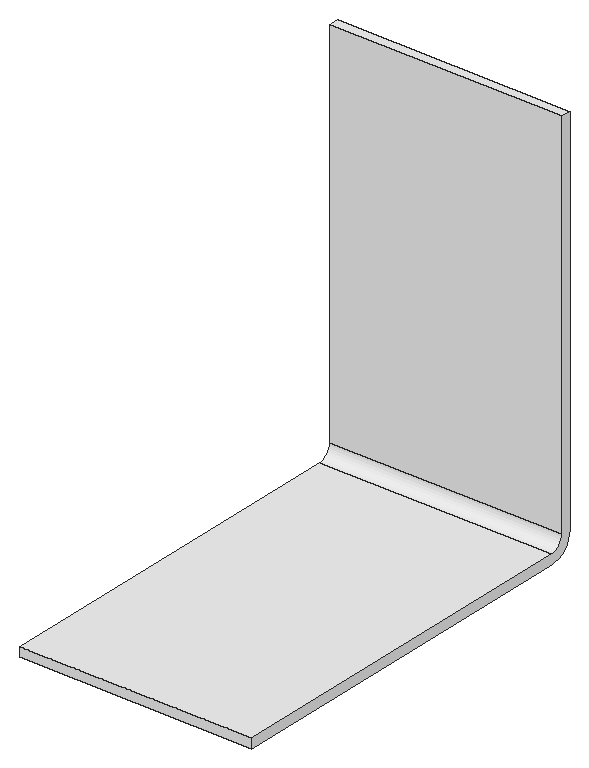
Revit family "JOMA_Spikplåtsvinklar", category Structural Connections, host Face, Revit 2012
Parameters (values of type "5511060  2,5x100x100x60")
  yr = ir + t  # 5.703 mm
  t = 2.500 mm
  l = 102.500 mm
  ir = t * 1.281  # 3.203 mm
  h = 102.500 mm
  b = 60.000 mm
  Vikt = "0,21"
  Typ = "SPIKPLÅTSVINKEL 5511060"
  Spikplåtsvinkel 5588120 = no
  Spikplåtsvinkel 5588100 = no
  Spikplåtsvinkel 5588080 & 5528880 = no
  Spikplåtsvinkel 5588060 & 5528860 = no
  Spikplåtsvinkel 5588040 & 5528840 = no
  Spikplåtsvinkel 5568060 & 5526860 = no
  Spikplåtsvinkel 5566100 & 55266100 = no
  Spikplåtsvinkel 5566080 & 5526680 = no
  Spikplåtsvinkel 5566060 & 5526660 = no
  Spikplåtsvinkel 5546060 & 5524660 = no
  Spikplåtsvinkel 5512100 = no
  Spikplåtsvinkel 5511100 = no
  Spikplåtsvinkel 5511080 = no
  Spikplåtsvinkel 5511060 = yes
  Spikmönster Förband Typ 2 [instance] = no
  Spikmönster Förband Typ 1 [instance] = no
  Spik/skruv [instance] = "ANKARSPIK 4,0x40"
  Material = Varmförzinkad stålplåt
  Länk Joma Dimensioneringsverktyg = "http://www.joma.se/dimensioneringsverktyg"
  Default Elevation = 0.000 mm
  Antal spik/skruv i virkesdel B [instance] = if(and(Spikmönster Förband Typ 1, Spikplåtsvinkel 5566060 & 5526660), 3, if(and(Spikmönster Förband Typ 1, Spikplåtsvinkel 5566080 & 5526680), 4, if(and(Spikmönster Förband Typ 1, Spikplåtsvinkel 5566100 & 55266100), 5, if(and(Spikmönster Förband Typ 1, Spikplåtsvinkel 5588040 & 5528840), 4, if(and(Spikmönster Förband Typ 1, Spikplåtsvinkel 5588060 & 5528860), 4, if(and(Spikmönster Förband Typ 1, Spikplåtsvinkel 5588080 & 5528880), 6, if(and(Spikmönster Förband Typ 1, Spikplåtsvinkel 5588100), 5, if(and(Spikmönster Förband Typ 1, Spikplåtsvinkel 5588120), 6, if(and(Spikmönster Förband Typ 1, Spikplåtsvinkel 5511060), 5, if(and(Spikmönster Förband Typ 1, Spikplåtsvinkel 5511080), 6, if(and(Spikmönster Förband Typ 1, Spikplåtsvinkel 5511100), 8, if(and(Spikmönster Förband Typ 1, Spikplåtsvinkel 5546060 & 5524660), 4, if(and(Spikmönster Förband Typ 1, Spikplåtsvinkel 5568060 & 5526860), 4, if(and(Spikmönster Förband Typ 1, Spikplåtsvinkel 5512100), 10, if(and(Spikmönster Förband Typ 2, Spikplåtsvinkel 5588040 & 5528840), 4, if(and(Spikmönster Förband Typ 2, Spikplåtsvinkel 5588060 & 5528860), 4, if(and(Spikmönster Förband Typ 2, Spikplåtsvinkel 5588080 & 5528880), 6, if(and(Spikmönster Förband Typ 2, Spikplåtsvinkel 5588100), 5, if(and(Spikmönster Förband Typ 2, Spikplåtsvinkel 5588120), 6, if(and(Spikmönster Förband Typ 2, Spikplåtsvinkel 5511060), 5, if(and(Spikmönster Förband Typ 2, Spikplåtsvinkel 5511080), 6, if(and(Spikmönster Förband Typ 2, Spikplåtsvinkel 5511100), 8, if(and(Spikmönster Förband Typ 2, Spikplåtsvinkel 5568060 & 5526860), 4, if(and(Spikmönster Förband Typ 2, Spikplåtsvinkel 5512100), 8, 0))))))))))))))))))))))))  # 0
  Antal spik/skruv i virkesdel A [instance] = if(and(Spikmönster Förband Typ 1, Spikplåtsvinkel 5566060 & 5526660), 3, if(and(Spikmönster Förband Typ 1, Spikplåtsvinkel 5566080 & 5526680), 4, if(and(Spikmönster Förband Typ 1, Spikplåtsvinkel 5566100 & 55266100), 5, if(and(Spikmönster Förband Typ 1, Spikplåtsvinkel 5588040 & 5528840), 3, if(and(Spikmönster Förband Typ 1, Spikplåtsvinkel 5588060 & 5528860), 5, if(and(Spikmönster Förband Typ 1, Spikplåtsvinkel 5588080 & 5528880), 6, if(and(Spikmönster Förband Typ 1, Spikplåtsvinkel 5588100), 8, if(and(Spikmönster Förband Typ 1, Spikplåtsvinkel 5588120), 9, if(and(Spikmönster Förband Typ 1, Spikplåtsvinkel 5511060), 6, if(and(Spikmönster Förband Typ 1, Spikplåtsvinkel 5511080), 8, if(and(Spikmönster Förband Typ 1, Spikplåtsvinkel 5511100), 10, if(and(Spikmönster Förband Typ 1, Spikplåtsvinkel 5546060 & 5524660), 3, if(and(Spikmönster Förband Typ 1, Spikplåtsvinkel 5568060 & 5526860), 5, if(and(Spikmönster Förband Typ 1, Spikplåtsvinkel 5512100), 10, if(and(Spikmönster Förband Typ 2, Spikplåtsvinkel 5588040 & 5528840), 2, if(and(Spikmönster Förband Typ 2, Spikplåtsvinkel 5588060 & 5528860), 3, if(and(Spikmönster Förband Typ 2, Spikplåtsvinkel 5588080 & 5528880), 4, if(and(Spikmönster Förband Typ 2, Spikplåtsvinkel 5588100), 5, if(and(Spikmönster Förband Typ 2, Spikplåtsvinkel 5588120), 6, if(and(Spikmönster Förband Typ 2, Spikplåtsvinkel 5511060), 3, if(and(Spikmönster Förband Typ 2, Spikplåtsvinkel 5511080), 4, if(and(Spikmönster Förband Typ 2, Spikplåtsvinkel 5511100), 5, if(and(Spikmönster Förband Typ 2, Spikplåtsvinkel 5568060 & 5526860), 3, if(and(Spikmönster Förband Typ 2, Spikplåtsvinkel 5512100), 8, 0))))))))))))))))))))))))  # 0
  5588120 Förband Typ 2 [instance] = and(Spikplåtsvinkel 5588120, Spikmönster Förband Typ 2, not(Spikmönster Förband Typ 1))  # no
  5588120 Förband Typ 1 [instance] = and(Spikplåtsvinkel 5588120, Spikmönster Förband Typ 1, not(Spikmönster Förband Typ 2))  # no
  5588100 Förband Typ 2 [instance] = and(Spikplåtsvinkel 5588100, Spikmönster Förband Typ 2, not(Spikmönster Förband Typ 1))  # no
  5588100 Förband Typ 1 [instance] = and(Spikplåtsvinkel 5588100, Spikmönster Förband Typ 1, not(Spikmönster Förband Typ 2))  # no
  5588080 & 5528880 Förband Typ 2 [instance] = and(Spikplåtsvinkel 5588080 & 5528880, Spikmönster Förband Typ 2, not(Spikmönster Förband Typ 1))  # no
  5588080 & 5528880 Förband Typ 1 [instance] = and(Spikplåtsvinkel 5588080 & 5528880, Spikmönster Förband Typ 1, not(Spikmönster Förband Typ 2))  # no
  5588060 & 5528860 Förband Typ 2 [instance] = and(Spikplåtsvinkel 5588060 & 5528860, Spikmönster Förband Typ 2, not(Spikmönster Förband Typ 1))  # no
  5588060 & 5528860 Förband Typ 1 [instance] = and(Spikplåtsvinkel 5588060 & 5528860, Spikmönster Förband Typ 1, not(Spikmönster Förband Typ 2))  # no
  5588040 & 5528840 Förband Typ 2 [instance] = and(Spikplåtsvinkel 5588040 & 5528840, Spikmönster Förband Typ 2, not(Spikmönster Förband Typ 1))  # no
  5588040 & 5528840 Förband Typ 1 [instance] = and(Spikplåtsvinkel 5588040 & 5528840, Spikmönster Förband Typ 1, not(Spikmönster Förband Typ 2))  # no
  5568060 & 5526860 Förband Typ 2 [instance] = and(Spikplåtsvinkel 5568060 & 5526860, Spikmönster Förband Typ 2, not(Spikmönster Förband Typ 1))  # no
  5568060 & 5526860 Förband Typ 1 [instance] = and(Spikplåtsvinkel 5568060 & 5526860, Spikmönster Förband Typ 1, not(Spikmönster Förband Typ 2))  # no
  5566100 & 55266100 Förband Typ 1 [instance] = and(Spikplåtsvinkel 5566100 & 55266100, Spikmönster Förband Typ 1, not(Spikmönster Förband Typ 2))  # no
  5566080 & 5526680 Förband Typ 1 [instance] = and(Spikplåtsvinkel 5566080 & 5526680, Spikmönster Förband Typ 1, not(Spikmönster Förband Typ 2))  # no
  5566060 & 5526660 Förband Typ 1 [instance] = and(Spikplåtsvinkel 5566060 & 5526660, Spikmönster Förband Typ 1, not(Spikmönster Förband Typ 2))  # no
  5546060 & 5524660 Förband Typ 1 [instance] = and(Spikplåtsvinkel 5546060 & 5524660, Spikmönster Förband Typ 1, not(Spikmönster Förband Typ 2))  # no
  5512100 Förband Typ 2 [instance] = and(Spikplåtsvinkel 5512100, Spikmönster Förband Typ 2, not(Spikmönster Förband Typ 1))  # no
  5512100 Förband Typ 1 [instance] = and(Spikplåtsvinkel 5512100, Spikmönster Förband Typ 1, not(Spikmönster Förband Typ 2))  # no
  5511100 Förband Typ 2 [instance] = and(Spikplåtsvinkel 5511100, Spikmönster Förband Typ 2, not(Spikmönster Förband Typ 1))  # no
  5511100 Förband Typ 1 [instance] = and(Spikplåtsvinkel 5511100, Spikmönster Förband Typ 1, not(Spikmönster Förband Typ 2))  # no
  5511080 Förband Typ 2 [instance] = and(Spikplåtsvinkel 5511080, Spikmönster Förband Typ 2, not(Spikmönster Förband Typ 1))  # no
  5511080 Förband Typ 1 [instance] = and(Spikplåtsvinkel 5511080, Spikmönster Förband Typ 1, not(Spikmönster Förband Typ 2))  # no
  5511060 Förband Typ 2 [instance] = and(Spikplåtsvinkel 5511060, Spikmönster Förband Typ 2, not(Spikmönster Förband Typ 1))  # no
  5511060 Förband Typ 1 [instance] = and(Spikplåtsvinkel 5511060, Spikmönster Förband Typ 1, not(Spikmönster Förband Typ 2))  # no
Reference planes
  plane 1 "Center (Front/Back)": y = 0
  plane 2: z = 0
  plane 3 "Center (Left/Right)": x = 0
  plane 4: x = -30
  plane 5: x = 30
  plane 6: y = -102.5
  plane 7: z = 102.5
Forms (mm)
  Extrusion 1, solid, material "Varmförzinkad stålplåt" <- "Material"
    sketch origin (0, 0, 0) x (0, 1, 0) y (0, 0, 1)
      loop
        line (0, 102.5) -> (-2.5, 102.5) -> (-2.5, 5.702)
        arc (-2.5, 5.702) -> (-3.438, 3.438) -> (-5.702, 2.5) r 3.202
        line (-5.702, 2.5) -> (-102.5, 2.5) -> (-102.5, 0) -> (-5.702, 0)
        arc (-5.702, 0) -> (-1.67, 1.67) -> (0, 5.702) r 5.702
        line (0, 5.702) -> (0, 102.5)
    from -30 to 30
Lines and regions (mm)
  symbolic lines, visible <- "Spikplåtsvinkel 5566060 & 5526660"
    curve 1: circle (-10, 0, 50) r 2.5 normal (0, -1, 0)
    curve 2: circle (10, 0, 50) r 2.5 normal (0, -1, 0)
    curve 3: circle (-20, 0, 30) r 2.5 normal (0, -1, 0)
    curve 4: circle (0, 0, 30) r 2.5 normal (0, -1, 0)
    curve 5: circle (-10, 0, 10) r 2.5 normal (0, -1, 0)
    curve 6: circle (10, 0, 10) r 2.5 normal (0, -1, 0)
    curve 7: circle (20, 0, 30) r 2.5 normal (0, -1, 0)
    curve 15: circle (-20, -50, 0) r 2.5 normal (0, 0, 1)
    curve 16: circle (0, -50, 0) r 2.5 normal (0, 0, 1)
    curve 17: circle (20, -50, 0) r 2.5 normal (0, 0, 1)
    curve 18: circle (-10, -30, 0) r 2.5 normal (0, 0, 1)
    curve 19: circle (10, -30, 0) r 2.5 normal (0, 0, 1)
    curve 20: circle (-20, -10, 0) r 2.5 normal (0, 0, 1)
    curve 21: circle (0, -10, 0) r 2.5 normal (0, 0, 1)
    curve 22: circle (20, -10, 0) r 2.5 normal (0, 0, 1)
  symbolic lines, visible <- "Spikplåtsvinkel 5566060 & 5526660", not visible
    curve 8: circle (-10, 0, 50) r 2.5 normal (0, -1, 0)
    curve 9: circle (10, 0, 50) r 2.5 normal (0, -1, 0)
    curve 10: circle (-20, 0, 30) r 2.5 normal (0, -1, 0)
    curve 11: circle (0, 0, 30) r 2.5 normal (0, -1, 0)
    curve 12: circle (-10, 0, 10) r 2.5 normal (0, -1, 0)
    curve 13: circle (10, 0, 10) r 2.5 normal (0, -1, 0)
    curve 14: circle (20, 0, 30) r 2.5 normal (0, -1, 0)
    curve 23: circle (-20, -50, 0) r 2.5 normal (0, 0, 1)
    curve 24: circle (0, -50, 0) r 2.5 normal (0, 0, 1)
    curve 25: circle (20, -50, 0) r 2.5 normal (0, 0, 1)
    curve 26: circle (-10, -30, 0) r 2.5 normal (0, 0, 1)
    curve 27: circle (10, -30, 0) r 2.5 normal (0, 0, 1)
    curve 28: circle (-20, -10, 0) r 2.5 normal (0, 0, 1)
    curve 29: circle (0, -10, 0) r 2.5 normal (0, 0, 1)
    curve 30: circle (20, -10, 0) r 2.5 normal (0, 0, 1)
  symbolic lines, visible <- "Spikplåtsvinkel 5566080 & 5526680"
    curve 31: circle (-20, 0, 50) r 2.5 normal (0, -1, 0)
    curve 32: circle (0, 0, 50) r 2.5 normal (0, -1, 0)
    curve 33: circle (20, 0, 50) r 2.5 normal (0, -1, 0)
    curve 34: circle (-30, 0, 30) r 2.5 normal (0, -1, 0)
    curve 35: circle (-10, 0, 30) r 2.5 normal (0, -1, 0)
    curve 36: circle (10, 0, 30) r 2.5 normal (0, -1, 0)
    curve 37: circle (-20, 0, 10) r 2.5 normal (0, -1, 0)
    curve 38: circle (0, 0, 10) r 2.5 normal (0, -1, 0)
    curve 39: circle (20, 0, 10) r 2.5 normal (0, -1, 0)
    curve 40: circle (30, 0, 30) r 2.5 normal (0, -1, 0)
    curve 51: circle (-30, -50, 0) r 2.5 normal (0, 0, 1)
    curve 52: circle (-10, -50, 0) r 2.5 normal (0, 0, 1)
    curve 53: circle (10, -50, 0) r 2.5 normal (0, 0, 1)
    curve 54: circle (30, -50, 0) r 2.5 normal (0, 0, 1)
    curve 55: circle (-20, -30, 0) r 2.5 normal (0, 0, 1)
    curve 56: circle (0, -30, 0) r 2.5 normal (0, 0, 1)
    curve 57: circle (20, -30, 0) r 2.5 normal (0, 0, 1)
    curve 58: circle (-30, -10, 0) r 2.5 normal (0, 0, 1)
    curve 59: circle (-10, -10, 0) r 2.5 normal (0, 0, 1)
    curve 60: circle (10, -10, 0) r 2.5 normal (0, 0, 1)
    curve 61: circle (30, -10, 0) r 2.5 normal (0, 0, 1)
  symbolic lines, visible <- "Spikplåtsvinkel 5566080 & 5526680", not visible
    curve 41: circle (-20, 0, 50) r 2.5 normal (0, -1, 0)
    curve 42: circle (0, 0, 50) r 2.5 normal (0, -1, 0)
    curve 43: circle (20, 0, 50) r 2.5 normal (0, -1, 0)
    curve 44: circle (-30, 0, 30) r 2.5 normal (0, -1, 0)
    curve 45: circle (-10, 0, 30) r 2.5 normal (0, -1, 0)
    curve 46: circle (10, 0, 30) r 2.5 normal (0, -1, 0)
    curve 47: circle (-20, 0, 10) r 2.5 normal (0, -1, 0)
    curve 48: circle (0, 0, 10) r 2.5 normal (0, -1, 0)
    curve 49: circle (20, 0, 10) r 2.5 normal (0, -1, 0)
    curve 50: circle (30, 0, 30) r 2.5 normal (0, -1, 0)
    curve 62: circle (-30, -50, 0) r 2.5 normal (0, 0, 1)
    curve 63: circle (-10, -50, 0) r 2.5 normal (0, 0, 1)
    curve 64: circle (10, -50, 0) r 2.5 normal (0, 0, 1)
    curve 65: circle (30, -50, 0) r 2.5 normal (0, 0, 1)
    curve 66: circle (-20, -30, 0) r 2.5 normal (0, 0, 1)
    curve 67: circle (0, -30, 0) r 2.5 normal (0, 0, 1)
    curve 68: circle (20, -30, 0) r 2.5 normal (0, 0, 1)
    curve 69: circle (-30, -10, 0) r 2.5 normal (0, 0, 1)
    curve 70: circle (-10, -10, 0) r 2.5 normal (0, 0, 1)
    curve 71: circle (10, -10, 0) r 2.5 normal (0, 0, 1)
    curve 72: circle (30, -10, 0) r 2.5 normal (0, 0, 1)
  symbolic lines, visible <- "Spikplåtsvinkel 5566100 & 55266100"
    curve 73: circle (-40, -50, 0) r 2.5 normal (0, 0, 1)
    curve 74: circle (-20, -50, 0) r 2.5 normal (0, 0, 1)
    curve 75: circle (0, -50, 0) r 2.5 normal (0, 0, 1)
    curve 76: circle (20, -50, 0) r 2.5 normal (0, 0, 1)
    curve 77: circle (40, -50, 0) r 2.5 normal (0, 0, 1)
    curve 78: circle (-30, -30, 0) r 2.5 normal (0, 0, 1)
    curve 79: circle (-10, -30, 0) r 2.5 normal (0, 0, 1)
    curve 80: circle (10, -30, 0) r 2.5 normal (0, 0, 1)
    curve 81: circle (30, -30, 0) r 2.5 normal (0, 0, 1)
    curve 82: circle (-40, -10, 0) r 2.5 normal (0, 0, 1)
    curve 83: circle (-20, -10, 0) r 2.5 normal (0, 0, 1)
    curve 84: circle (0, -10, 0) r 2.5 normal (0, 0, 1)
    curve 85: circle (20, -10, 0) r 2.5 normal (0, 0, 1)
    curve 86: circle (40, -10, 0) r 2.5 normal (0, 0, 1)
    curve 101: circle (-30, 0, 50) r 2.5 normal (0, -1, 0)
    curve 102: circle (-10, 0, 50) r 2.5 normal (0, -1, 0)
    curve 103: circle (10, 0, 50) r 2.5 normal (0, -1, 0)
    curve 104: circle (30, 0, 50) r 2.5 normal (0, -1, 0)
    curve 105: circle (-40, 0, 30) r 2.5 normal (0, -1, 0)
    curve 106: circle (-20, 0, 30) r 2.5 normal (0, -1, 0)
    curve 107: circle (0, 0, 30) r 2.5 normal (0, -1, 0)
    curve 108: circle (20, 0, 30) r 2.5 normal (0, -1, 0)
    curve 109: circle (-30, 0, 10) r 2.5 normal (0, -1, 0)
    curve 110: circle (-10, 0, 10) r 2.5 normal (0, -1, 0)
    curve 111: circle (10, 0, 10) r 2.5 normal (0, -1, 0)
    curve 112: circle (30, 0, 10) r 2.5 normal (0, -1, 0)
    curve 113: circle (40, 0, 30) r 2.5 normal (0, -1, 0)
  symbolic lines, visible <- "Spikplåtsvinkel 5566100 & 55266100", not visible
    curve 87: circle (-40, -50, 0) r 2.5 normal (0, 0, 1)
    curve 88: circle (-20, -50, 0) r 2.5 normal (0, 0, 1)
    curve 89: circle (0, -50, 0) r 2.5 normal (0, 0, 1)
    curve 90: circle (20, -50, 0) r 2.5 normal (0, 0, 1)
    curve 91: circle (40, -50, 0) r 2.5 normal (0, 0, 1)
    curve 92: circle (-30, -30, 0) r 2.5 normal (0, 0, 1)
    curve 93: circle (-10, -30, 0) r 2.5 normal (0, 0, 1)
    curve 94: circle (10, -30, 0) r 2.5 normal (0, 0, 1)
    curve 95: circle (30, -30, 0) r 2.5 normal (0, 0, 1)
    curve 96: circle (-40, -10, 0) r 2.5 normal (0, 0, 1)
    curve 97: circle (-20, -10, 0) r 2.5 normal (0, 0, 1)
    curve 98: circle (0, -10, 0) r 2.5 normal (0, 0, 1)
    curve 99: circle (20, -10, 0) r 2.5 normal (0, 0, 1)
    curve 100: circle (40, -10, 0) r 2.5 normal (0, 0, 1)
    curve 114: circle (-30, 0, 50) r 2.5 normal (0, -1, 0)
    curve 115: circle (-10, 0, 50) r 2.5 normal (0, -1, 0)
    curve 116: circle (10, 0, 50) r 2.5 normal (0, -1, 0)
    curve 117: circle (30, 0, 50) r 2.5 normal (0, -1, 0)
    curve 118: circle (-40, 0, 30) r 2.5 normal (0, -1, 0)
    curve 119: circle (-20, 0, 30) r 2.5 normal (0, -1, 0)
    curve 120: circle (0, 0, 30) r 2.5 normal (0, -1, 0)
    curve 121: circle (20, 0, 30) r 2.5 normal (0, -1, 0)
    curve 122: circle (-30, 0, 10) r 2.5 normal (0, -1, 0)
    curve 123: circle (-10, 0, 10) r 2.5 normal (0, -1, 0)
    curve 124: circle (10, 0, 10) r 2.5 normal (0, -1, 0)
    curve 125: circle (30, 0, 10) r 2.5 normal (0, -1, 0)
    curve 126: circle (40, 0, 30) r 2.5 normal (0, -1, 0)
  symbolic lines, visible <- "Spikplåtsvinkel 5588040 & 5528840"
    curve 127: circle (0, -70, 0) r 2.5 normal (0, 0, 1)
    curve 128: circle (-10, -50, 0) r 2.5 normal (0, 0, 1)
    curve 129: circle (10, -50, 0) r 2.5 normal (0, 0, 1)
    curve 130: circle (0, -30, 0) r 2.5 normal (0, 0, 1)
    curve 131: circle (-10, -10, 0) r 2.5 normal (0, 0, 1)
    curve 132: circle (10, -10, 0) r 2.5 normal (0, 0, 1)
    curve 139: circle (-10, 0, 70) r 2.5 normal (0, -1, 0)
    curve 140: circle (10, 0, 70) r 2.5 normal (0, -1, 0)
    curve 141: circle (0, 0, 50) r 2.5 normal (0, -1, 0)
    curve 142: circle (-10, 0, 30) r 2.5 normal (0, -1, 0)
    curve 143: circle (10, 0, 30) r 2.5 normal (0, -1, 0)
    curve 144: circle (0, 0, 10) r 2.5 normal (0, -1, 0)
  symbolic lines, visible <- "Spikplåtsvinkel 5588040 & 5528840", not visible
    curve 133: circle (0, -70, 0) r 2.5 normal (0, 0, 1)
    curve 134: circle (-10, -50, 0) r 2.5 normal (0, 0, 1)
    curve 135: circle (10, -50, 0) r 2.5 normal (0, 0, 1)
    curve 136: circle (0, -30, 0) r 2.5 normal (0, 0, 1)
    curve 137: circle (-10, -10, 0) r 2.5 normal (0, 0, 1)
    curve 138: circle (10, -10, 0) r 2.5 normal (0, 0, 1)
    curve 145: circle (-10, 0, 70) r 2.5 normal (0, -1, 0)
    curve 146: circle (10, 0, 70) r 2.5 normal (0, -1, 0)
    curve 147: circle (0, 0, 50) r 2.5 normal (0, -1, 0)
    curve 148: circle (-10, 0, 30) r 2.5 normal (0, -1, 0)
    curve 149: circle (10, 0, 30) r 2.5 normal (0, -1, 0)
    curve 150: circle (0, 0, 10) r 2.5 normal (0, -1, 0)
  symbolic lines, visible <- "Spikplåtsvinkel 5588060 & 5528860"
    curve 151: circle (-10, -70, 0) r 2.5 normal (0, 0, 1)
    curve 152: circle (10, -70, 0) r 2.5 normal (0, 0, 1)
    curve 153: circle (-20, -50, 0) r 2.5 normal (0, 0, 1)
    curve 154: circle (0, -50, 0) r 2.5 normal (0, 0, 1)
    curve 155: circle (20, -50, 0) r 2.5 normal (0, 0, 1)
    curve 156: circle (-10, -30, 0) r 2.5 normal (0, 0, 1)
    curve 157: circle (10, -30, 0) r 2.5 normal (0, 0, 1)
    curve 158: circle (-20, -10, 0) r 2.5 normal (0, 0, 1)
    curve 159: circle (0, -10, 0) r 2.5 normal (0, 0, 1)
    curve 160: circle (20, -10, 0) r 2.5 normal (0, 0, 1)
    curve 171: circle (-20, 0, 70) r 2.5 normal (0, -1, 0)
    curve 172: circle (0, 0, 70) r 2.5 normal (0, -1, 0)
    curve 173: circle (20, 0, 70) r 2.5 normal (0, -1, 0)
    curve 174: circle (-10, 0, 50) r 2.5 normal (0, -1, 0)
    curve 175: circle (10, 0, 50) r 2.5 normal (0, -1, 0)
    curve 176: circle (-20, 0, 30) r 2.5 normal (0, -1, 0)
    curve 177: circle (0, 0, 30) r 2.5 normal (0, -1, 0)
    curve 178: circle (20, 0, 30) r 2.5 normal (0, -1, 0)
    curve 179: circle (-10, 0, 10) r 2.5 normal (0, -1, 0)
    curve 180: circle (10, 0, 10) r 2.5 normal (0, -1, 0)
  symbolic lines, visible <- "Spikplåtsvinkel 5588060 & 5528860", not visible
    curve 161: circle (-10, -70, 0) r 2.5 normal (0, 0, 1)
    curve 162: circle (10, -70, 0) r 2.5 normal (0, 0, 1)
    curve 163: circle (-20, -50, 0) r 2.5 normal (0, 0, 1)
    curve 164: circle (0, -50, 0) r 2.5 normal (0, 0, 1)
    curve 165: circle (20, -50, 0) r 2.5 normal (0, 0, 1)
    curve 166: circle (-10, -30, 0) r 2.5 normal (0, 0, 1)
    curve 167: circle (10, -30, 0) r 2.5 normal (0, 0, 1)
    curve 168: circle (-20, -10, 0) r 2.5 normal (0, 0, 1)
    curve 169: circle (0, -10, 0) r 2.5 normal (0, 0, 1)
    curve 170: circle (20, -10, 0) r 2.5 normal (0, 0, 1)
    curve 181: circle (-20, 0, 70) r 2.5 normal (0, -1, 0)
    curve 182: circle (0, 0, 70) r 2.5 normal (0, -1, 0)
    curve 183: circle (20, 0, 70) r 2.5 normal (0, -1, 0)
    curve 184: circle (-10, 0, 50) r 2.5 normal (0, -1, 0)
    curve 185: circle (10, 0, 50) r 2.5 normal (0, -1, 0)
    curve 186: circle (-20, 0, 30) r 2.5 normal (0, -1, 0)
    curve 187: circle (0, 0, 30) r 2.5 normal (0, -1, 0)
    curve 188: circle (20, 0, 30) r 2.5 normal (0, -1, 0)
    curve 189: circle (-10, 0, 10) r 2.5 normal (0, -1, 0)
    curve 190: circle (10, 0, 10) r 2.5 normal (0, -1, 0)
  symbolic lines, visible <- "Spikplåtsvinkel 5588080 & 5528880"
    curve 191: circle (-20, -70, 0) r 2.5 normal (0, 0, 1)
    curve 192: circle (0, -70, 0) r 2.5 normal (0, 0, 1)
    curve 193: circle (20, -70, 0) r 2.5 normal (0, 0, 1)
    curve 194: circle (-30, -50, 0) r 2.5 normal (0, 0, 1)
    curve 195: circle (-10, -50, 0) r 2.5 normal (0, 0, 1)
    curve 196: circle (10, -50, 0) r 2.5 normal (0, 0, 1)
    curve 197: circle (30, -50, 0) r 2.5 normal (0, 0, 1)
    curve 198: circle (-20, -30, 0) r 2.5 normal (0, 0, 1)
    curve 199: circle (0, -30, 0) r 2.5 normal (0, 0, 1)
    curve 200: circle (20, -30, 0) r 2.5 normal (0, 0, 1)
    curve 201: circle (-30, -10, 0) r 2.5 normal (0, 0, 1)
    curve 202: circle (-10, -10, 0) r 2.5 normal (0, 0, 1)
    curve 203: circle (10, -10, 0) r 2.5 normal (0, 0, 1)
    curve 204: circle (30, -10, 0) r 2.5 normal (0, 0, 1)
    curve 219: circle (-30, 0, 70) r 2.5 normal (0, -1, 0)
    curve 220: circle (-10, 0, 70) r 2.5 normal (0, -1, 0)
    curve 221: circle (10, 0, 70) r 2.5 normal (0, -1, 0)
    curve 222: circle (30, 0, 70) r 2.5 normal (0, -1, 0)
    curve 223: circle (-20, 0, 50) r 2.5 normal (0, -1, 0)
    curve 224: circle (0, 0, 50) r 2.5 normal (0, -1, 0)
    curve 225: circle (20, 0, 50) r 2.5 normal (0, -1, 0)
    curve 226: circle (-30, 0, 30) r 2.5 normal (0, -1, 0)
    curve 227: circle (-10, 0, 30) r 2.5 normal (0, -1, 0)
    curve 228: circle (10, 0, 30) r 2.5 normal (0, -1, 0)
    curve 229: circle (30, 0, 30) r 2.5 normal (0, -1, 0)
    curve 230: circle (-20, 0, 10) r 2.5 normal (0, -1, 0)
    curve 231: circle (0, 0, 10) r 2.5 normal (0, -1, 0)
    curve 232: circle (20, 0, 10) r 2.5 normal (0, -1, 0)
  symbolic lines, visible <- "Spikplåtsvinkel 5588080 & 5528880", not visible
    curve 205: circle (-20, -70, 0) r 2.5 normal (0, 0, 1)
    curve 206: circle (0, -70, 0) r 2.5 normal (0, 0, 1)
    curve 207: circle (20, -70, 0) r 2.5 normal (0, 0, 1)
    curve 208: circle (-30, -50, 0) r 2.5 normal (0, 0, 1)
    curve 209: circle (-10, -50, 0) r 2.5 normal (0, 0, 1)
    curve 210: circle (10, -50, 0) r 2.5 normal (0, 0, 1)
    curve 211: circle (30, -50, 0) r 2.5 normal (0, 0, 1)
    curve 212: circle (-20, -30, 0) r 2.5 normal (0, 0, 1)
    curve 213: circle (0, -30, 0) r 2.5 normal (0, 0, 1)
    curve 214: circle (20, -30, 0) r 2.5 normal (0, 0, 1)
    curve 215: circle (-30, -10, 0) r 2.5 normal (0, 0, 1)
    curve 216: circle (-10, -10, 0) r 2.5 normal (0, 0, 1)
    curve 217: circle (10, -10, 0) r 2.5 normal (0, 0, 1)
    curve 218: circle (30, -10, 0) r 2.5 normal (0, 0, 1)
    curve 233: circle (-30, 0, 70) r 2.5 normal (0, -1, 0)
    curve 234: circle (-10, 0, 70) r 2.5 normal (0, -1, 0)
    curve 235: circle (10, 0, 70) r 2.5 normal (0, -1, 0)
    curve 236: circle (30, 0, 70) r 2.5 normal (0, -1, 0)
    curve 237: circle (-20, 0, 50) r 2.5 normal (0, -1, 0)
    curve 238: circle (0, 0, 50) r 2.5 normal (0, -1, 0)
    curve 239: circle (20, 0, 50) r 2.5 normal (0, -1, 0)
    curve 240: circle (-30, 0, 30) r 2.5 normal (0, -1, 0)
    curve 241: circle (-10, 0, 30) r 2.5 normal (0, -1, 0)
    curve 242: circle (10, 0, 30) r 2.5 normal (0, -1, 0)
    curve 243: circle (30, 0, 30) r 2.5 normal (0, -1, 0)
    curve 244: circle (-20, 0, 10) r 2.5 normal (0, -1, 0)
    curve 245: circle (0, 0, 10) r 2.5 normal (0, -1, 0)
    curve 246: circle (20, 0, 10) r 2.5 normal (0, -1, 0)
  symbolic lines, visible <- "Spikplåtsvinkel 5588100"
    curve 247: circle (-30, -70, 0) r 2.5 normal (0, 0, 1)
    curve 248: circle (-10, -70, 0) r 2.5 normal (0, 0, 1)
    curve 249: circle (10, -70, 0) r 2.5 normal (0, 0, 1)
    curve 250: circle (30, -70, 0) r 2.5 normal (0, 0, 1)
    curve 251: circle (-40, -50, 0) r 2.5 normal (0, 0, 1)
    curve 252: circle (-20, -50, 0) r 2.5 normal (0, 0, 1)
    curve 253: circle (0, -50, 0) r 2.5 normal (0, 0, 1)
    curve 254: circle (20, -50, 0) r 2.5 normal (0, 0, 1)
    curve 255: circle (40, -50, 0) r 2.5 normal (0, 0, 1)
    curve 256: circle (-30, -30, 0) r 2.5 normal (0, 0, 1)
    curve 257: circle (-10, -30, 0) r 2.5 normal (0, 0, 1)
    curve 258: circle (10, -30, 0) r 2.5 normal (0, 0, 1)
    curve 259: circle (30, -30, 0) r 2.5 normal (0, 0, 1)
    curve 260: circle (-40, -10, 0) r 2.5 normal (0, 0, 1)
    curve 261: circle (-20, -10, 0) r 2.5 normal (0, 0, 1)
    curve 262: circle (0, -10, 0) r 2.5 normal (0, 0, 1)
    curve 263: circle (20, -10, 0) r 2.5 normal (0, 0, 1)
    curve 264: circle (40, -10, 0) r 2.5 normal (0, 0, 1)
    curve 283: circle (-40, 0, 70) r 2.5 normal (0, -1, 0)
    curve 284: circle (-20, 0, 70) r 2.5 normal (0, -1, 0)
    curve 285: circle (0, 0, 70) r 2.5 normal (0, -1, 0)
    curve 286: circle (20, 0, 70) r 2.5 normal (0, -1, 0)
    curve 287: circle (40, 0, 70) r 2.5 normal (0, -1, 0)
    curve 288: circle (-30, 0, 50) r 2.5 normal (0, -1, 0)
    curve 289: circle (-10, 0, 50) r 2.5 normal (0, -1, 0)
    curve 290: circle (10, 0, 50) r 2.5 normal (0, -1, 0)
    curve 291: circle (30, 0, 50) r 2.5 normal (0, -1, 0)
    curve 292: circle (-40, 0, 30) r 2.5 normal (0, -1, 0)
    curve 293: circle (-20, 0, 30) r 2.5 normal (0, -1, 0)
    curve 294: circle (0, 0, 30) r 2.5 normal (0, -1, 0)
    curve 295: circle (20, 0, 30) r 2.5 normal (0, -1, 0)
    curve 296: circle (40, 0, 30) r 2.5 normal (0, -1, 0)
    curve 297: circle (-30, 0, 10) r 2.5 normal (0, -1, 0)
    curve 298: circle (-10, 0, 10) r 2.5 normal (0, -1, 0)
    curve 299: circle (10, 0, 10) r 2.5 normal (0, -1, 0)
    curve 300: circle (30, 0, 10) r 2.5 normal (0, -1, 0)
  symbolic lines, visible <- "Spikplåtsvinkel 5588100", not visible
    curve 265: circle (-30, -70, 0) r 2.5 normal (0, 0, 1)
    curve 266: circle (-10, -70, 0) r 2.5 normal (0, 0, 1)
    curve 267: circle (10, -70, 0) r 2.5 normal (0, 0, 1)
    curve 268: circle (30, -70, 0) r 2.5 normal (0, 0, 1)
    curve 269: circle (-40, -50, 0) r 2.5 normal (0, 0, 1)
    curve 270: circle (-20, -50, 0) r 2.5 normal (0, 0, 1)
    curve 271: circle (0, -50, 0) r 2.5 normal (0, 0, 1)
    curve 272: circle (20, -50, 0) r 2.5 normal (0, 0, 1)
    curve 273: circle (40, -50, 0) r 2.5 normal (0, 0, 1)
    curve 274: circle (-30, -30, 0) r 2.5 normal (0, 0, 1)
    curve 275: circle (-10, -30, 0) r 2.5 normal (0, 0, 1)
    curve 276: circle (10, -30, 0) r 2.5 normal (0, 0, 1)
    curve 277: circle (30, -30, 0) r 2.5 normal (0, 0, 1)
    curve 278: circle (-40, -10, 0) r 2.5 normal (0, 0, 1)
    curve 279: circle (-20, -10, 0) r 2.5 normal (0, 0, 1)
    curve 280: circle (0, -10, 0) r 2.5 normal (0, 0, 1)
    curve 281: circle (20, -10, 0) r 2.5 normal (0, 0, 1)
    curve 282: circle (40, -10, 0) r 2.5 normal (0, 0, 1)
    curve 301: circle (-40, 0, 70) r 2.5 normal (0, -1, 0)
    curve 302: circle (-20, 0, 70) r 2.5 normal (0, -1, 0)
    curve 303: circle (0, 0, 70) r 2.5 normal (0, -1, 0)
    curve 304: circle (20, 0, 70) r 2.5 normal (0, -1, 0)
    curve 305: circle (40, 0, 70) r 2.5 normal (0, -1, 0)
    curve 306: circle (-30, 0, 50) r 2.5 normal (0, -1, 0)
    curve 307: circle (-10, 0, 50) r 2.5 normal (0, -1, 0)
    curve 308: circle (10, 0, 50) r 2.5 normal (0, -1, 0)
    curve 309: circle (30, 0, 50) r 2.5 normal (0, -1, 0)
    curve 310: circle (-40, 0, 30) r 2.5 normal (0, -1, 0)
    curve 311: circle (-20, 0, 30) r 2.5 normal (0, -1, 0)
    curve 312: circle (0, 0, 30) r 2.5 normal (0, -1, 0)
    curve 313: circle (20, 0, 30) r 2.5 normal (0, -1, 0)
    curve 314: circle (40, 0, 30) r 2.5 normal (0, -1, 0)
    curve 315: circle (-30, 0, 10) r 2.5 normal (0, -1, 0)
    curve 316: circle (-10, 0, 10) r 2.5 normal (0, -1, 0)
    curve 317: circle (10, 0, 10) r 2.5 normal (0, -1, 0)
    curve 318: circle (30, 0, 10) r 2.5 normal (0, -1, 0)
  symbolic lines, visible <- "Spikplåtsvinkel 5588120"
    curve 319: circle (-40, -70, 0) r 2.5 normal (0, 0, 1)
    curve 320: circle (-20, -70, 0) r 2.5 normal (0, 0, 1)
    curve 321: circle (0, -70, 0) r 2.5 normal (0, 0, 1)
    curve 322: circle (20, -70, 0) r 2.5 normal (0, 0, 1)
    curve 323: circle (40, -70, 0) r 2.5 normal (0, 0, 1)
    curve 324: circle (-50, -50, 0) r 2.5 normal (0, 0, 1)
    curve 325: circle (-30, -50, 0) r 2.5 normal (0, 0, 1)
    curve 326: circle (-10, -50, 0) r 2.5 normal (0, 0, 1)
    curve 327: circle (10, -50, 0) r 2.5 normal (0, 0, 1)
    curve 328: circle (30, -50, 0) r 2.5 normal (0, 0, 1)
    curve 329: circle (50, -50, 0) r 2.5 normal (0, 0, 1)
    curve 330: circle (-40, -30, 0) r 2.5 normal (0, 0, 1)
    curve 331: circle (-20, -30, 0) r 2.5 normal (0, 0, 1)
    curve 332: circle (0, -30, 0) r 2.5 normal (0, 0, 1)
    curve 333: circle (20, -30, 0) r 2.5 normal (0, 0, 1)
    curve 334: circle (40, -30, 0) r 2.5 normal (0, 0, 1)
    curve 335: circle (-50, -10, 0) r 2.5 normal (0, 0, 1)
    curve 336: circle (-30, -10, 0) r 2.5 normal (0, 0, 1)
    curve 337: circle (-10, -10, 0) r 2.5 normal (0, 0, 1)
    curve 338: circle (10, -10, 0) r 2.5 normal (0, 0, 1)
    curve 339: circle (30, -10, 0) r 2.5 normal (0, 0, 1)
    curve 340: circle (50, -10, 0) r 2.5 normal (0, 0, 1)
    curve 363: circle (-50, 0, 70) r 2.5 normal (0, -1, 0)
    curve 364: circle (-30, 0, 70) r 2.5 normal (0, -1, 0)
    curve 365: circle (-10, 0, 70) r 2.5 normal (0, -1, 0)
    curve 366: circle (10, 0, 70) r 2.5 normal (0, -1, 0)
    curve 367: circle (30, 0, 70) r 2.5 normal (0, -1, 0)
    curve 368: circle (50, 0, 70) r 2.5 normal (0, -1, 0)
    curve 369: circle (-40, 0, 50) r 2.5 normal (0, -1, 0)
    curve 370: circle (-20, 0, 50) r 2.5 normal (0, -1, 0)
    curve 371: circle (0, 0, 50) r 2.5 normal (0, -1, 0)
    curve 372: circle (20, 0, 50) r 2.5 normal (0, -1, 0)
    curve 373: circle (40, 0, 50) r 2.5 normal (0, -1, 0)
    curve 374: circle (-50, 0, 30) r 2.5 normal (0, -1, 0)
    curve 375: circle (-30, 0, 30) r 2.5 normal (0, -1, 0)
    curve 376: circle (-10, 0, 30) r 2.5 normal (0, -1, 0)
    curve 377: circle (10, 0, 30) r 2.5 normal (0, -1, 0)
    curve 378: circle (30, 0, 30) r 2.5 normal (0, -1, 0)
    curve 379: circle (50, 0, 30) r 2.5 normal (0, -1, 0)
    curve 380: circle (-40, 0, 10) r 2.5 normal (0, -1, 0)
    curve 381: circle (-20, 0, 10) r 2.5 normal (0, -1, 0)
    curve 382: circle (0, 0, 10) r 2.5 normal (0, -1, 0)
    curve 383: circle (20, 0, 10) r 2.5 normal (0, -1, 0)
    curve 384: circle (40, 0, 10) r 2.5 normal (0, -1, 0)
  symbolic lines, visible <- "Spikplåtsvinkel 5588120", not visible
    curve 341: circle (-40, -70, 0) r 2.5 normal (0, 0, 1)
    curve 342: circle (-20, -70, 0) r 2.5 normal (0, 0, 1)
    curve 343: circle (0, -70, 0) r 2.5 normal (0, 0, 1)
    curve 344: circle (20, -70, 0) r 2.5 normal (0, 0, 1)
    curve 345: circle (40, -70, 0) r 2.5 normal (0, 0, 1)
    curve 346: circle (-50, -50, 0) r 2.5 normal (0, 0, 1)
    curve 347: circle (-30, -50, 0) r 2.5 normal (0, 0, 1)
    curve 348: circle (-10, -50, 0) r 2.5 normal (0, 0, 1)
    curve 349: circle (10, -50, 0) r 2.5 normal (0, 0, 1)
    curve 350: circle (30, -50, 0) r 2.5 normal (0, 0, 1)
    curve 351: circle (50, -50, 0) r 2.5 normal (0, 0, 1)
    curve 352: circle (-40, -30, 0) r 2.5 normal (0, 0, 1)
    curve 353: circle (-20, -30, 0) r 2.5 normal (0, 0, 1)
    curve 354: circle (0, -30, 0) r 2.5 normal (0, 0, 1)
    curve 355: circle (20, -30, 0) r 2.5 normal (0, 0, 1)
    curve 356: circle (40, -30, 0) r 2.5 normal (0, 0, 1)
    curve 357: circle (-50, -10, 0) r 2.5 normal (0, 0, 1)
    curve 358: circle (-30, -10, 0) r 2.5 normal (0, 0, 1)
    curve 359: circle (-10, -10, 0) r 2.5 normal (0, 0, 1)
    curve 360: circle (10, -10, 0) r 2.5 normal (0, 0, 1)
    curve 361: circle (30, -10, 0) r 2.5 normal (0, 0, 1)
    curve 362: circle (50, -10, 0) r 2.5 normal (0, 0, 1)
    curve 385: circle (-50, 0, 70) r 2.5 normal (0, -1, 0)
    curve 386: circle (-30, 0, 70) r 2.5 normal (0, -1, 0)
    curve 387: circle (-10, 0, 70) r 2.5 normal (0, -1, 0)
    curve 388: circle (10, 0, 70) r 2.5 normal (0, -1, 0)
    curve 389: circle (30, 0, 70) r 2.5 normal (0, -1, 0)
    curve 390: circle (50, 0, 70) r 2.5 normal (0, -1, 0)
    curve 391: circle (-40, 0, 50) r 2.5 normal (0, -1, 0)
    curve 392: circle (-20, 0, 50) r 2.5 normal (0, -1, 0)
    curve 393: circle (0, 0, 50) r 2.5 normal (0, -1, 0)
    curve 394: circle (20, 0, 50) r 2.5 normal (0, -1, 0)
    curve 395: circle (40, 0, 50) r 2.5 normal (0, -1, 0)
    curve 396: circle (-50, 0, 30) r 2.5 normal (0, -1, 0)
    curve 397: circle (-30, 0, 30) r 2.5 normal (0, -1, 0)
    curve 398: circle (-10, 0, 30) r 2.5 normal (0, -1, 0)
    curve 399: circle (10, 0, 30) r 2.5 normal (0, -1, 0)
    curve 400: circle (30, 0, 30) r 2.5 normal (0, -1, 0)
    curve 401: circle (50, 0, 30) r 2.5 normal (0, -1, 0)
    curve 402: circle (-40, 0, 10) r 2.5 normal (0, -1, 0)
    curve 403: circle (-20, 0, 10) r 2.5 normal (0, -1, 0)
    curve 404: circle (0, 0, 10) r 2.5 normal (0, -1, 0)
    curve 405: circle (20, 0, 10) r 2.5 normal (0, -1, 0)
    curve 406: circle (40, 0, 10) r 2.5 normal (0, -1, 0)
  symbolic lines, visible <- "Spikplåtsvinkel 5511060"
    curve 407: circle (-20, -90, 0) r 2.5 normal (0, 0, 1)
    curve 408: circle (0, -90, 0) r 2.5 normal (0, 0, 1)
    curve 409: circle (20, -90, 0) r 2.5 normal (0, 0, 1)
    curve 410: circle (-10, -70, 0) r 2.5 normal (0, 0, 1)
    curve 411: circle (10, -70, 0) r 2.5 normal (0, 0, 1)
    curve 412: circle (-20, -50, 0) r 2.5 normal (0, 0, 1)
    curve 413: circle (0, -50, 0) r 2.5 normal (0, 0, 1)
    curve 414: circle (20, -50, 0) r 2.5 normal (0, 0, 1)
    curve 415: circle (-10, -30, 0) r 2.5 normal (0, 0, 1)
    curve 416: circle (10, -30, 0) r 2.5 normal (0, 0, 1)
    curve 417: circle (-20, -10, 0) r 2.5 normal (0, 0, 1)
    curve 418: circle (0, -10, 0) r 2.5 normal (0, 0, 1)
    curve 419: circle (20, -10, 0) r 2.5 normal (0, 0, 1)
    curve 433: circle (-10, 0, 90) r 2.5 normal (0, -1, 0)
    curve 434: circle (10, 0, 90) r 2.5 normal (0, 1, 0)
    curve 435: circle (-20, 0, 70) r 2.5 normal (0, -1, 0)
    curve 436: circle (0, 0, 70) r 2.5 normal (0, 1, 0)
    curve 437: circle (20, 0, 70) r 2.5 normal (0, 1, 0)
    curve 438: circle (-10, 0, 50) r 2.5 normal (0, -1, 0)
    curve 439: circle (10, 0, 50) r 2.5 normal (0, 1, 0)
    curve 440: circle (-20, 0, 30) r 2.5 normal (0, -1, 0)
    curve 441: circle (0, 0, 30) r 2.5 normal (0, 1, 0)
    curve 442: circle (20, 0, 30) r 2.5 normal (0, 1, 0)
    curve 443: circle (-10, 0, 10) r 2.5 normal (0, -1, 0)
    curve 444: circle (10, 0, 10) r 2.5 normal (0, 1, 0)
  symbolic lines, visible <- "Spikplåtsvinkel 5511060", not visible
    curve 420: circle (-20, -90, 0) r 2.5 normal (0, 0, 1)
    curve 421: circle (0, -90, 0) r 2.5 normal (0, 0, 1)
    curve 422: circle (20, -90, 0) r 2.5 normal (0, 0, 1)
    curve 423: circle (-10, -70, 0) r 2.5 normal (0, 0, 1)
    curve 424: circle (10, -70, 0) r 2.5 normal (0, 0, 1)
    curve 425: circle (-20, -50, 0) r 2.5 normal (0, 0, 1)
    curve 426: circle (0, -50, 0) r 2.5 normal (0, 0, 1)
    curve 427: circle (20, -50, 0) r 2.5 normal (0, 0, 1)
    curve 428: circle (-10, -30, 0) r 2.5 normal (0, 0, 1)
    curve 429: circle (10, -30, 0) r 2.5 normal (0, 0, 1)
    curve 430: circle (-20, -10, 0) r 2.5 normal (0, 0, 1)
    curve 431: circle (0, -10, 0) r 2.5 normal (0, 0, 1)
    curve 432: circle (20, -10, 0) r 2.5 normal (0, 0, 1)
    curve 445: circle (-10, 0, 90) r 2.5 normal (0, -1, 0)
    curve 446: circle (10, 0, 90) r 2.5 normal (0, 1, 0)
    curve 447: circle (-20, 0, 70) r 2.5 normal (0, -1, 0)
    curve 448: circle (0, 0, 70) r 2.5 normal (0, 1, 0)
    curve 449: circle (20, 0, 70) r 2.5 normal (0, 1, 0)
    curve 450: circle (-10, 0, 50) r 2.5 normal (0, -1, 0)
    curve 451: circle (10, 0, 50) r 2.5 normal (0, 1, 0)
    curve 452: circle (-20, 0, 30) r 2.5 normal (0, -1, 0)
    curve 453: circle (0, 0, 30) r 2.5 normal (0, 1, 0)
    curve 454: circle (20, 0, 30) r 2.5 normal (0, 1, 0)
    curve 455: circle (-10, 0, 10) r 2.5 normal (0, -1, 0)
    curve 456: circle (10, 0, 10) r 2.5 normal (0, 1, 0)
  symbolic lines, visible <- "Spikplåtsvinkel 5511080"
    curve 457: circle (-30, -90, 0) r 2.5 normal (0, 0, 1)
    curve 458: circle (-10, -90, 0) r 2.5 normal (0, 0, 1)
    curve 459: circle (10, -90, 0) r 2.5 normal (0, 0, 1)
    curve 460: circle (30, -90, 0) r 2.5 normal (0, 0, 1)
    curve 461: circle (-20, -70, 0) r 2.5 normal (0, 0, 1)
    curve 462: circle (0, -70, 0) r 2.5 normal (0, 0, 1)
    curve 463: circle (20, -70, 0) r 2.5 normal (0, 0, 1)
    curve 464: circle (-30, -50, 0) r 2.5 normal (0, 0, 1)
    curve 465: circle (-10, -50, 0) r 2.5 normal (0, 0, 1)
    curve 466: circle (10, -50, 0) r 2.5 normal (0, 0, 1)
    curve 467: circle (30, -50, 0) r 2.5 normal (0, 0, 1)
    curve 468: circle (-20, -30, 0) r 2.5 normal (0, 0, 1)
    curve 469: circle (0, -30, 0) r 2.5 normal (0, 0, 1)
    curve 470: circle (20, -30, 0) r 2.5 normal (0, 0, 1)
    curve 471: circle (-30, -10, 0) r 2.5 normal (0, 0, 1)
    curve 472: circle (-10, -10, 0) r 2.5 normal (0, 0, 1)
    curve 473: circle (10, -10, 0) r 2.5 normal (0, 0, 1)
    curve 474: circle (30, -10, 0) r 2.5 normal (0, 0, 1)
    curve 493: circle (-20, 0, 90) r 2.5 normal (0, -1, 0)
    curve 494: circle (0, 0, 90) r 2.5 normal (0, -1, 0)
    curve 495: circle (20, 0, 90) r 2.5 normal (0, -1, 0)
    curve 496: circle (-30, 0, 70) r 2.5 normal (0, -1, 0)
    curve 497: circle (-10, 0, 70) r 2.5 normal (0, -1, 0)
    curve 498: circle (10, 0, 70) r 2.5 normal (0, -1, 0)
    curve 499: circle (30, 0, 70) r 2.5 normal (0, -1, 0)
    curve 500: circle (-20, 0, 50) r 2.5 normal (0, -1, 0)
    curve 501: circle (0, 0, 50) r 2.5 normal (0, -1, 0)
    curve 502: circle (20, 0, 50) r 2.5 normal (0, -1, 0)
    curve 503: circle (-30, 0, 30) r 2.5 normal (0, -1, 0)
    curve 504: circle (-10, 0, 30) r 2.5 normal (0, -1, 0)
    curve 505: circle (10, 0, 30) r 2.5 normal (0, -1, 0)
    curve 506: circle (30, 0, 30) r 2.5 normal (0, -1, 0)
    curve 507: circle (-20, 0, 10) r 2.5 normal (0, -1, 0)
    curve 508: circle (0, 0, 10) r 2.5 normal (0, -1, 0)
    curve 509: circle (20, 0, 10) r 2.5 normal (0, -1, 0)
  symbolic lines, visible <- "Spikplåtsvinkel 5511080", not visible
    curve 475: circle (-30, -90, 0) r 2.5 normal (0, 0, 1)
    curve 476: circle (-10, -90, 0) r 2.5 normal (0, 0, 1)
    curve 477: circle (10, -90, 0) r 2.5 normal (0, 0, 1)
    curve 478: circle (30, -90, 0) r 2.5 normal (0, 0, 1)
    curve 479: circle (-20, -70, 0) r 2.5 normal (0, 0, 1)
    curve 480: circle (0, -70, 0) r 2.5 normal (0, 0, 1)
    curve 481: circle (20, -70, 0) r 2.5 normal (0, 0, 1)
    curve 482: circle (-30, -50, 0) r 2.5 normal (0, 0, 1)
    curve 483: circle (-10, -50, 0) r 2.5 normal (0, 0, 1)
    curve 484: circle (10, -50, 0) r 2.5 normal (0, 0, 1)
    curve 485: circle (30, -50, 0) r 2.5 normal (0, 0, 1)
    curve 486: circle (-20, -30, 0) r 2.5 normal (0, 0, 1)
    curve 487: circle (0, -30, 0) r 2.5 normal (0, 0, 1)
    curve 488: circle (20, -30, 0) r 2.5 normal (0, 0, 1)
    curve 489: circle (-30, -10, 0) r 2.5 normal (0, 0, 1)
    curve 490: circle (-10, -10, 0) r 2.5 normal (0, 0, 1)
    curve 491: circle (10, -10, 0) r 2.5 normal (0, 0, 1)
    curve 492: circle (30, -10, 0) r 2.5 normal (0, 0, 1)
    curve 510: circle (-20, 0, 90) r 2.5 normal (0, -1, 0)
    curve 511: circle (0, 0, 90) r 2.5 normal (0, -1, 0)
    curve 512: circle (20, 0, 90) r 2.5 normal (0, -1, 0)
    curve 513: circle (-30, 0, 70) r 2.5 normal (0, -1, 0)
    curve 514: circle (-10, 0, 70) r 2.5 normal (0, -1, 0)
    curve 515: circle (10, 0, 70) r 2.5 normal (0, -1, 0)
    curve 516: circle (30, 0, 70) r 2.5 normal (0, -1, 0)
    curve 517: circle (-20, 0, 50) r 2.5 normal (0, -1, 0)
    curve 518: circle (0, 0, 50) r 2.5 normal (0, -1, 0)
    curve 519: circle (20, 0, 50) r 2.5 normal (0, -1, 0)
    curve 520: circle (-30, 0, 30) r 2.5 normal (0, -1, 0)
    curve 521: circle (-10, 0, 30) r 2.5 normal (0, -1, 0)
    curve 522: circle (10, 0, 30) r 2.5 normal (0, -1, 0)
    curve 523: circle (30, 0, 30) r 2.5 normal (0, -1, 0)
    curve 524: circle (-20, 0, 10) r 2.5 normal (0, -1, 0)
    curve 525: circle (0, 0, 10) r 2.5 normal (0, -1, 0)
    curve 526: circle (20, 0, 10) r 2.5 normal (0, -1, 0)
  symbolic lines, visible <- "Spikplåtsvinkel 5511100"
    curve 527: circle (-40, -90, 0) r 2.5 normal (0, 0, 1)
    curve 528: circle (-20, -90, 0) r 2.5 normal (0, 0, 1)
    curve 529: circle (0, -90, 0) r 2.5 normal (0, 0, 1)
    curve 530: circle (20, -90, 0) r 2.5 normal (0, 0, 1)
    curve 531: circle (40, -90, 0) r 2.5 normal (0, 0, 1)
    curve 532: circle (-30, -70, 0) r 2.5 normal (0, 0, 1)
    curve 533: circle (-10, -70, 0) r 2.5 normal (0, 0, 1)
    curve 534: circle (10, -70, 0) r 2.5 normal (0, 0, 1)
    curve 535: circle (30, -70, 0) r 2.5 normal (0, 0, 1)
    curve 536: circle (-40, -50, 0) r 2.5 normal (0, 0, 1)
    curve 537: circle (-20, -50, 0) r 2.5 normal (0, 0, 1)
    curve 538: circle (0, -50, 0) r 2.5 normal (0, 0, 1)
    curve 539: circle (20, -50, 0) r 2.5 normal (0, 0, 1)
    curve 540: circle (40, -50, 0) r 2.5 normal (0, 0, 1)
    curve 541: circle (-30, -30, 0) r 2.5 normal (0, 0, 1)
    curve 542: circle (-10, -30, 0) r 2.5 normal (0, 0, 1)
    curve 543: circle (10, -30, 0) r 2.5 normal (0, 0, 1)
    curve 544: circle (30, -30, 0) r 2.5 normal (0, 0, 1)
    curve 545: circle (-40, -10, 0) r 2.5 normal (0, 0, 1)
    curve 546: circle (-20, -10, 0) r 2.5 normal (0, 0, 1)
    curve 547: circle (0, -10, 0) r 2.5 normal (0, 0, 1)
    curve 548: circle (20, -10, 0) r 2.5 normal (0, 0, 1)
    curve 549: circle (40, -10, 0) r 2.5 normal (0, 0, 1)
    curve 573: circle (-30, 0, 90) r 2.5 normal (0, -1, 0)
    curve 574: circle (-10, 0, 90) r 2.5 normal (0, -1, 0)
    curve 575: circle (10, 0, 90) r 2.5 normal (0, -1, 0)
    curve 576: circle (30, 0, 90) r 2.5 normal (0, -1, 0)
    curve 577: circle (-40, 0, 70) r 2.5 normal (0, -1, 0)
    curve 578: circle (-20, 0, 70) r 2.5 normal (0, -1, 0)
    curve 579: circle (0, 0, 70) r 2.5 normal (0, -1, 0)
    curve 580: circle (20, 0, 70) r 2.5 normal (0, -1, 0)
    curve 581: circle (40, 0, 70) r 2.5 normal (0, -1, 0)
    curve 582: circle (-30, 0, 50) r 2.5 normal (0, -1, 0)
    curve 583: circle (-10, 0, 50) r 2.5 normal (0, -1, 0)
    curve 584: circle (10, 0, 50) r 2.5 normal (0, -1, 0)
    curve 585: circle (30, 0, 50) r 2.5 normal (0, -1, 0)
    curve 586: circle (-40, 0, 30) r 2.5 normal (0, -1, 0)
    curve 587: circle (-20, 0, 30) r 2.5 normal (0, -1, 0)
    curve 588: circle (0, 0, 30) r 2.5 normal (0, -1, 0)
    curve 589: circle (20, 0, 30) r 2.5 normal (0, -1, 0)
    curve 590: circle (40, 0, 30) r 2.5 normal (0, -1, 0)
    curve 591: circle (-30, 0, 10) r 2.5 normal (0, -1, 0)
    curve 592: circle (-10, 0, 10) r 2.5 normal (0, -1, 0)
    curve 593: circle (10, 0, 10) r 2.5 normal (0, -1, 0)
    curve 594: circle (30, 0, 10) r 2.5 normal (0, -1, 0)
  symbolic lines, visible <- "Spikplåtsvinkel 5511100", not visible
    curve 550: circle (-40, -90, 0) r 2.5 normal (0, 0, 1)
    curve 551: circle (-20, -90, 0) r 2.5 normal (0, 0, 1)
    curve 552: circle (0, -90, 0) r 2.5 normal (0, 0, 1)
    curve 553: circle (20, -90, 0) r 2.5 normal (0, 0, 1)
    curve 554: circle (40, -90, 0) r 2.5 normal (0, 0, 1)
    curve 555: circle (-30, -70, 0) r 2.5 normal (0, 0, 1)
    curve 556: circle (-10, -70, 0) r 2.5 normal (0, 0, 1)
    curve 557: circle (10, -70, 0) r 2.5 normal (0, 0, 1)
    curve 558: circle (30, -70, 0) r 2.5 normal (0, 0, 1)
    curve 559: circle (-40, -50, 0) r 2.5 normal (0, 0, 1)
    curve 560: circle (-20, -50, 0) r 2.5 normal (0, 0, 1)
    curve 561: circle (0, -50, 0) r 2.5 normal (0, 0, 1)
    curve 562: circle (20, -50, 0) r 2.5 normal (0, 0, 1)
    curve 563: circle (40, -50, 0) r 2.5 normal (0, 0, 1)
    curve 564: circle (-30, -30, 0) r 2.5 normal (0, 0, 1)
    curve 565: circle (-10, -30, 0) r 2.5 normal (0, 0, 1)
    curve 566: circle (10, -30, 0) r 2.5 normal (0, 0, 1)
    curve 567: circle (30, -30, 0) r 2.5 normal (0, 0, 1)
    curve 568: circle (-40, -10, 0) r 2.5 normal (0, 0, 1)
    curve 569: circle (-20, -10, 0) r 2.5 normal (0, 0, 1)
    curve 570: circle (0, -10, 0) r 2.5 normal (0, 0, 1)
    curve 571: circle (20, -10, 0) r 2.5 normal (0, 0, 1)
    curve 572: circle (40, -10, 0) r 2.5 normal (0, 0, 1)
    curve 595: circle (-30, 0, 90) r 2.5 normal (0, -1, 0)
    curve 596: circle (-10, 0, 90) r 2.5 normal (0, -1, 0)
    curve 597: circle (10, 0, 90) r 2.5 normal (0, -1, 0)
    curve 598: circle (30, 0, 90) r 2.5 normal (0, -1, 0)
    curve 599: circle (-40, 0, 70) r 2.5 normal (0, -1, 0)
    curve 600: circle (-20, 0, 70) r 2.5 normal (0, -1, 0)
    curve 601: circle (0, 0, 70) r 2.5 normal (0, -1, 0)
    curve 602: circle (20, 0, 70) r 2.5 normal (0, -1, 0)
    curve 603: circle (40, 0, 70) r 2.5 normal (0, -1, 0)
    curve 604: circle (-30, 0, 50) r 2.5 normal (0, -1, 0)
    curve 605: circle (-10, 0, 50) r 2.5 normal (0, -1, 0)
    curve 606: circle (10, 0, 50) r 2.5 normal (0, -1, 0)
    curve 607: circle (30, 0, 50) r 2.5 normal (0, -1, 0)
    curve 608: circle (-40, 0, 30) r 2.5 normal (0, -1, 0)
    curve 609: circle (-20, 0, 30) r 2.5 normal (0, -1, 0)
    curve 610: circle (0, 0, 30) r 2.5 normal (0, -1, 0)
    curve 611: circle (20, 0, 30) r 2.5 normal (0, -1, 0)
    curve 612: circle (40, 0, 30) r 2.5 normal (0, -1, 0)
    curve 613: circle (-30, 0, 10) r 2.5 normal (0, -1, 0)
    curve 614: circle (-10, 0, 10) r 2.5 normal (0, -1, 0)
    curve 615: circle (10, 0, 10) r 2.5 normal (0, -1, 0)
    curve 616: circle (30, 0, 10) r 2.5 normal (0, -1, 0)
  symbolic lines, visible <- "Spikplåtsvinkel 5546060 & 5524660"
    curve 617: circle (-20, -30, 0) r 2.5 normal (0, 0, 1)
    curve 618: circle (0, -30, 0) r 2.5 normal (0, 0, 1)
    curve 619: circle (20, -30, 0) r 2.5 normal (0, 0, 1)
    curve 620: circle (-10, -10, 0) r 2.5 normal (0, 0, 1)
    curve 621: circle (10, -10, 0) r 2.5 normal (0, 0, 1)
    curve 627: circle (-20, 0, 50) r 2.5 normal (0, -1, 0)
    curve 628: circle (0, 0, 50) r 2.5 normal (0, -1, 0)
    curve 629: circle (20, 0, 50) r 2.5 normal (0, -1, 0)
    curve 630: circle (-10, 0, 30) r 2.5 normal (0, -1, 0)
    curve 631: circle (10, 0, 30) r 2.5 normal (0, -1, 0)
    curve 632: circle (-20, 0, 10) r 2.5 normal (0, -1, 0)
    curve 633: circle (0, 0, 10) r 2.5 normal (0, -1, 0)
    curve 634: circle (20, 0, 10) r 2.5 normal (0, -1, 0)
  symbolic lines, visible <- "Spikplåtsvinkel 5546060 & 5524660", not visible
    curve 622: circle (-20, -30, 0) r 2.5 normal (0, 0, 1)
    curve 623: circle (0, -30, 0) r 2.5 normal (0, 0, 1)
    curve 624: circle (20, -30, 0) r 2.5 normal (0, 0, 1)
    curve 625: circle (-10, -10, 0) r 2.5 normal (0, 0, 1)
    curve 626: circle (10, -10, 0) r 2.5 normal (0, 0, 1)
    curve 635: circle (-20, 0, 50) r 2.5 normal (0, -1, 0)
    curve 636: circle (0, 0, 50) r 2.5 normal (0, -1, 0)
    curve 637: circle (20, 0, 50) r 2.5 normal (0, -1, 0)
    curve 638: circle (-10, 0, 30) r 2.5 normal (0, -1, 0)
    curve 639: circle (10, 0, 30) r 2.5 normal (0, -1, 0)
    curve 640: circle (-20, 0, 10) r 2.5 normal (0, -1, 0)
    curve 641: circle (0, 0, 10) r 2.5 normal (0, -1, 0)
    curve 642: circle (20, 0, 10) r 2.5 normal (0, -1, 0)
  symbolic lines, visible <- "Spikplåtsvinkel 5568060 & 5526860"
    curve 643: circle (-20, -50, 0) r 2.5 normal (0, 0, 1)
    curve 644: circle (0, -50, 0) r 2.5 normal (0, 0, 1)
    curve 645: circle (20, -50, 0) r 2.5 normal (0, 0, 1)
    curve 646: circle (-10, -30, 0) r 2.5 normal (0, 0, 1)
    curve 647: circle (10, -30, 0) r 2.5 normal (0, 0, 1)
    curve 648: circle (-20, -10, 0) r 2.5 normal (0, 0, 1)
    curve 649: circle (0, -10, 0) r 2.5 normal (0, 0, 1)
    curve 650: circle (20, -10, 0) r 2.5 normal (0, 0, 1)
    curve 659: circle (-20, 0, 70) r 2.5 normal (0, -1, 0)
    curve 660: circle (0, 0, 70) r 2.5 normal (0, -1, 0)
    curve 661: circle (20, 0, 70) r 2.5 normal (0, -1, 0)
    curve 662: circle (-10, 0, 50) r 2.5 normal (0, -1, 0)
    curve 663: circle (10, 0, 50) r 2.5 normal (0, -1, 0)
    curve 664: circle (-20, 0, 30) r 2.5 normal (0, -1, 0)
    curve 665: circle (0, 0, 30) r 2.5 normal (0, -1, 0)
    curve 666: circle (20, 0, 30) r 2.5 normal (0, -1, 0)
    curve 667: circle (-10, 0, 10) r 2.5 normal (0, -1, 0)
    curve 668: circle (10, 0, 10) r 2.5 normal (0, -1, 0)
  symbolic lines, visible <- "Spikplåtsvinkel 5568060 & 5526860", not visible
    curve 651: circle (-20, -50, 0) r 2.5 normal (0, 0, 1)
    curve 652: circle (0, -50, 0) r 2.5 normal (0, 0, 1)
    curve 653: circle (20, -50, 0) r 2.5 normal (0, 0, 1)
    curve 654: circle (-10, -30, 0) r 2.5 normal (0, 0, 1)
    curve 655: circle (10, -30, 0) r 2.5 normal (0, 0, 1)
    curve 656: circle (-20, -10, 0) r 2.5 normal (0, 0, 1)
    curve 657: circle (0, -10, 0) r 2.5 normal (0, 0, 1)
    curve 658: circle (20, -10, 0) r 2.5 normal (0, 0, 1)
    curve 669: circle (-20, 0, 70) r 2.5 normal (0, -1, 0)
    curve 670: circle (0, 0, 70) r 2.5 normal (0, -1, 0)
    curve 671: circle (20, 0, 70) r 2.5 normal (0, -1, 0)
    curve 672: circle (-10, 0, 50) r 2.5 normal (0, -1, 0)
    curve 673: circle (10, 0, 50) r 2.5 normal (0, -1, 0)
    curve 674: circle (-20, 0, 30) r 2.5 normal (0, -1, 0)
    curve 675: circle (0, 0, 30) r 2.5 normal (0, -1, 0)
    curve 676: circle (20, 0, 30) r 2.5 normal (0, -1, 0)
    curve 677: circle (-10, 0, 10) r 2.5 normal (0, -1, 0)
    curve 678: circle (10, 0, 10) r 2.5 normal (0, -1, 0)
  symbolic lines, visible <- "Spikplåtsvinkel 5512100"
    curve 679: circle (-40, -90, 0) r 2.5 normal (0, 0, 1)
    curve 680: circle (-20, -90, 0) r 2.5 normal (0, 0, 1)
    curve 681: circle (0, -90, 0) r 2.5 normal (0, 0, 1)
    curve 682: circle (20, -90, 0) r 2.5 normal (0, 0, 1)
    curve 683: circle (40, -90, 0) r 2.5 normal (0, 0, 1)
    curve 684: circle (-30, -70, 0) r 2.5 normal (0, 0, 1)
    curve 685: circle (-10, -70, 0) r 2.5 normal (0, 0, 1)
    curve 686: circle (10, -70, 0) r 2.5 normal (0, 0, 1)
    curve 687: circle (30, -70, 0) r 2.5 normal (0, 0, 1)
    curve 688: circle (-40, -50, 0) r 2.5 normal (0, 0, 1)
    curve 689: circle (-20, -50, 0) r 2.5 normal (0, 0, 1)
    curve 690: circle (0, -50, 0) r 2.5 normal (0, 0, 1)
    curve 691: circle (20, -50, 0) r 2.5 normal (0, 0, 1)
    curve 692: circle (40, -50, 0) r 2.5 normal (0, 0, 1)
    curve 693: circle (-30, -30, 0) r 2.5 normal (0, 0, 1)
    curve 694: circle (-10, -30, 0) r 2.5 normal (0, 0, 1)
    curve 695: circle (10, -30, 0) r 2.5 normal (0, 0, 1)
    curve 696: circle (30, -30, 0) r 2.5 normal (0, 0, 1)
    curve 697: circle (-40, -10, 0) r 2.5 normal (0, 0, 1)
    curve 698: circle (-20, -10, 0) r 2.5 normal (0, 0, 1)
    curve 699: circle (0, -10, 0) r 2.5 normal (0, 0, 1)
    curve 700: circle (20, -10, 0) r 2.5 normal (0, 0, 1)
    curve 701: circle (40, -10, 0) r 2.5 normal (0, 0, 1)
